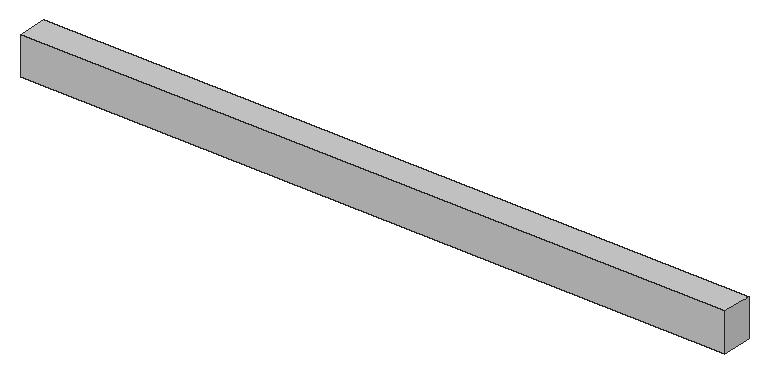
Revit family "Lum_Teto_Tubular_1_Embutido", category Lighting Fixtures, host Ceiling, Revit 2025
Family settings
  Host = Ceiling
  Round Connector Dimension = Use Diameter
  Part Type = Normal
  OmniClass Number = 23.80.70.11
  OmniClass Title = Luminaries for Internal Lighting
  Always vertical = Yes
  Cut with Voids When Loaded = No
  Light Source = Yes
  Maintain Annotation Orientation = No
  Shared = No
  Room Calculation Point = No
Parameters (values of type "Luminária_Tubular_Embutida_1_Lâmpada")
  Wattage = 9.2903 W
  built-in parameter 1150110 = 1 (stored number, unit not read)
  built-in parameter 1114217 = 1 (stored number, unit not read)
  built-in parameter 1150109 = 1 (stored number, unit not read)
  Lumi_Material = Material_Corpo_Luminaria
  Lumi_Largura_Interna = Lumi_Largura * 0.95  # 47.5 mm
  Lumi_Largura = 50 mm
  Lumi_Comprimento = 1200 mm
  Lumi_Altura_Resalto = 5 mm
  Lumi_Altura_Embutida = 60 mm
  Emit from Line Length = Lumi_Comprimento - 100 mm  # 1100 mm
  Default Elevation = 0 mm
  built-in parameter 1150134 = (empty or 0)
  built-in parameter 1150113 = 1 (stored number, unit not read)
  Lumens = 1380 lm
  built-in parameter 1150115 = 1 (stored number, unit not read)
  built-in parameter 1150105 = 439.27 (stored number, unit not read)
  Light Source Symbol Size = 30 mm
  built-in parameter 1150137 = (empty or 0)
  built-in parameter 1150139 = (empty or 0)
  built-in parameter 1150112 = 1 (stored number, unit not read)
  built-in parameter 1150114 = 1 (stored number, unit not read)
  built-in parameter 1150132 = 2
  built-in parameter 1150102 = (empty or 0)
  built-in parameter 1150138 = (empty or 0)
  built-in parameter 1150107 = 3000 (stored number, unit not read)
  built-in parameter 1150106 = 4.3927 (stored number, unit not read)
  built-in parameter 1150104 = 13.8 (stored number, unit not read)
  Dimming Lamp Color Temperature Shift = <None>
  Color Filter = 16777215
  built-in parameter 1114218 = 1 (stored number, unit not read)
  built-in parameter 1150133 = 10 (stored number, unit not read)
Reference planes
  plane 1 "Eixo de origem da luz (F/T)": y = 0
  plane 2: z = 0
  plane 3 "Eixo de origem da luz (E/D)": x = 0
  plane 4 "Forro": z = 4000
  plane 5 "Elevação da origem da luz": z = 3995
  plane 6 "Tubo_E": x = -550
  plane 7 "Tubo_D": x = 550
  plane 8: z = 4060
Forms (mm)
  Extrusion 1, solid, material "Material_Corpo_Luminaria" <- "Lumi_Material"
    sketch origin (0, 0, 4000) x (0, 1, 0) y (-1, 0, 0)
      loop
        line (25, 600) -> (-25, 600) -> (-25, -600) -> (25, -600) -> (25, 600)
    from 60 to -5
  Extrusion 2, void
    sketch origin (550, 0, 0) x (0, 1, 0) y (0, 0, 1)
      loop
        line (-23.75, 3995) -> (23.75, 3995) -> (23.75, 4011.133)
        arc (23.75, 4011.133) -> (-0.004, 4014.516) -> (-23.75, 4011.072) r 84.339
        line (-23.75, 4011.072) -> (-23.75, 3995)
    from 0 to -1100
Lines and regions (mm)
  Opening 1
    outline origin (0, 0, 4000) x (1, 0, 0) y (0, 1, 0)
      loop
        line (-600, 25) -> (-600, -25) -> (600, -25) -> (600, 25) -> (-600, 25)
Dimensions and locks
  equal spacing: host sketch curve, plane 3 "Eixo de origem da luz (E/D)", host sketch curve
  equal spacing: host sketch curve, plane 1 "Eixo de origem da luz (F/T)", host sketch curve
  host sketch curve to host sketch curve = 4000 mm  (x2)
  plane 4 "Forro" to host ceiling = 0 mm
  equal spacing: Extrusion 1 sketch curve, plane 3 "Eixo de origem da luz (E/D)", Extrusion 1 sketch curve
  equal spacing: Extrusion 1 sketch curve, plane 1 "Eixo de origem da luz (F/T)", Extrusion 1 sketch curve
  "Lumi_Largura": Extrusion 1 sketch curve to Extrusion 1 sketch curve
  "Lumi_Comprimento": Extrusion 1 sketch curve to Extrusion 1 sketch curve
  equal spacing: imposter light, plane 3 "Eixo de origem da luz (E/D)", imposter light
  equal spacing: imposter light, plane 1 "Eixo de origem da luz (F/T)", imposter light
  "Lumi_Altura_Resalto": plane 5 "Elevação da origem da luz" to plane 4 "Forro"
  equal spacing: plane 6 "Tubo_E", plane 3 "Eixo de origem da luz (E/D)", plane 7 "Tubo_D"
  "Emit from Line Length": imposter light to imposter light
  imposter light to imposter light = 30 mm
  equal spacing: Extrusion 2 sketch curve, plane 1 "Eixo de origem da luz (F/T)", Extrusion 2 sketch curve
  "Lumi_Altura_Embutida": plane 8 to plane 4 "Forro"
  "Lumi_Largura": Extrusion 1 to Extrusion 1
  aligned and locked: plane 3 "Eixo de origem da luz (E/D)" to imposter light
  aligned and locked: plane 1 "Eixo de origem da luz (F/T)" to imposter light
  aligned and locked: plane 5 "Elevação da origem da luz" to imposter light
  aligned and locked: Extrusion 2 to imposter light
  aligned and locked: plane 5 "Elevação da origem da luz" to Extrusion 1
  aligned and locked: imposter light to plane 5 "Elevação da origem da luz"
  aligned and locked: plane 8 to Extrusion 1
  aligned and locked: Opening 1 sketch curve to Extrusion 1  (x4)
Automatic sketch dimensions
  plane 5 "Elevação da origem da luz" to Extrusion 2 sketch curve = 0 mm
  Extrusion 2 sketch curve to plane 1 "Eixo de origem da luz (F/T)" = 0.104 mm
  plane 5 "Elevação da origem da luz" to Extrusion 2 sketch curve = 64.822 mm
  plane 1 "Eixo de origem da luz (F/T)" to Extrusion 2 sketch curve = 23.75 mm
  Extrusion 2 sketch curve to plane 5 "Elevação da origem da luz" = 16.072 mm
